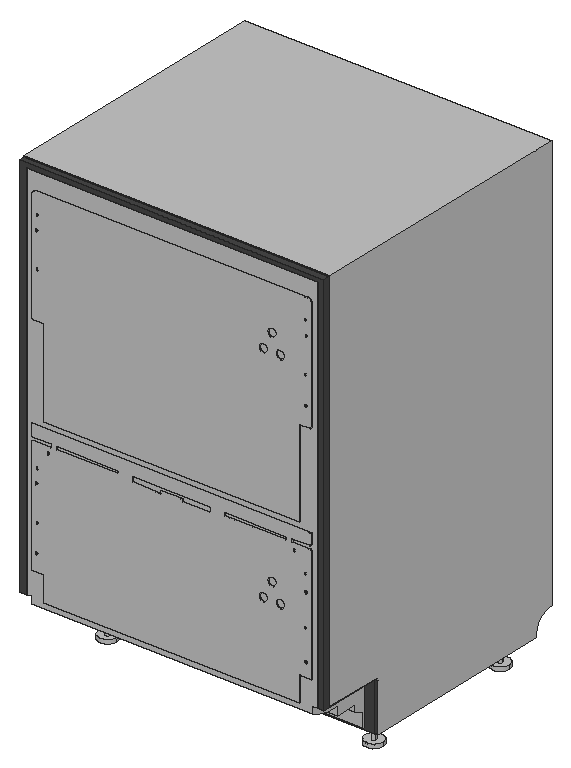
Revit family "FP_Revit_18_DD24DTX6HI1_DishDrawer_90001203A", category Specialty Equipment, Revit 2018
Family settings
  Round Connector Dimension = Use Diameter
  Part Type = Normal
  OmniClass Number = 23.40.40.14.31
  OmniClass Title = Cleaning and Disposal Equipment
  Work Plane-Based = No
  Always vertical = Yes
  Cut with Voids When Loaded = Yes
  Shared = No
  Room Calculation Point = No
Parameters (values of type "DD24DTX6I1")
  Visibility - Toe Kick = no
  Visibility - Door Panel = no
  Visibility - Clearance Required = yes
  URL = "www.fisherpaykel.com"
  Toe Kick - Recess (40mm - 100mm) [instance] = 100 mm
  Product - Width = 599 mm  # constant formula
  Product - Height (864mm - 924mm) [instance] = 900 mm
  Product - Depth = 571 mm  # constant formula
  Panel - Depth [instance] = 18 mm
  Model = "DD24DTX6I1"
  Material - Trim = Fisher & Paykel - Black
  Material - Toe Kick = Fisher & Paykel - Stainless Steel
  Material - Front = Fisher & Paykel - Stainless Steel
  Material - Body = Fisher & Paykel - Grey
  Manufacturer = "Fisher & Paykel Appliances"
  Description = "24\" DishDrawer, Integrated"
  Connector Description - Water = "Supplied hose to suit 3⁄8” (9 mm) male compression fitting"
  Connector Description - Sanitary = "Drain Hose, No Fitting Required"
  Connector Description - Electrical = "110-120 V, 60 Hz, 15 A, fused electrical supply"
  Chassis - Height (855mm Tall or 811mm Std) = 855 mm  # constant formula
  Chassis - Depth = 553 mm  # constant formula
  Cavity - Width = 600 mm  # constant formula
  Cavity - Depth (excluding front panel) = 560 mm  # constant formula
Types (3, lengths in mm): name | Model
  (no name) | "DD24DTX6I1"
  DD24DTX6HI1 | "DD24DTX6HI1"
  DD24DTX6I1 | "DD24DTX6I1"
Reference planes
  plane 1 "Datum": y = 0
  plane 2: z = 0
  plane 3 "Center (Left/Right)": x = 0
  plane 4: z = 0
  plane 5 "Product LHS": x = -299.5
  plane 6 "Product RHS": x = 299.5
  plane 7 "Product - Depth": y = 553
  plane 8 "Cavity LHS": x = -300
  plane 9 "Cavity RHS": x = 300
  plane 10 "Cavity - Depth": y = 560
  plane 11 "Leg Height": z = 45
  plane 12 "Product - Height": z = 900
  plane 13 "Cavity - Height": z = 902
  plane 14 "Door Panel - Depth": y = -18
Forms (mm)
  Extrusion 1, solid, material "Fisher & Paykel - Grey" <- "Material - Body"
    sketch origin (0, 0, 0) x (0, 1, 0) y (0, 0, 1)
      loop
        line (12, 900) -> (12, 146.5) -> (118.15, 146.5)
        arc (118.15, 146.5) -> (125.221, 143.571) -> (128.15, 136.5) r 10
        line (128.15, 136.5) -> (128.15, 45) -> (510.35, 45) -> (510.35, 89.298) -> (553, 89.298) -> (553, 900) -> (12, 900)
    from -299.5 to 299.5
  Extrusion 2, solid, material "Fisher & Paykel - Grey" <- "Material - Body", detail levels fine
    sketch origin (0, 0, 0) x (1, 0, 0) y (0, 0, 1)
      loop
        line (-274, 846.4) -> (-274, 633.176)
        arc (-274, 633.176) -> (-272.536, 629.64) -> (-269, 628.176) r 5
        line (-269, 628.176) -> (-250, 628.176) -> (-250, 457.269) -> (250, 457.269) -> (250, 628.176) -> (269, 628.176)
        arc (269, 628.176) -> (272.536, 629.64) -> (274, 633.176) r 5
        line (274, 633.176) -> (274, 846.4)
        arc (274, 846.4) -> (271.071, 853.471) -> (264, 856.4) r 10
        line (264, 856.4) -> (-264, 856.4)
        arc (-264, 856.4) -> (-271.071, 853.471) -> (-274, 846.4) r 10
      loop
        line (-274, 446.676) -> (-274, 427.976)
        arc (-274, 427.976) -> (-272.536, 424.44) -> (-269, 422.976) r 5
        line (-269, 422.976) -> (-235, 422.976) -> (-235, 416.976) -> (-269, 416.976)
        arc (-269, 416.976) -> (-272.536, 415.512) -> (-274, 411.976) r 5
        line (-274, 411.976) -> (-274, 189.476) -> (-250, 189.476) -> (-250, 139.476) -> (250, 139.476) -> (250, 189.476) -> (274, 189.476) -> (274, 411.976)
        arc (274, 411.976) -> (272.536, 415.512) -> (269, 416.976) r 5
        line (269, 416.976) -> (235, 416.976) -> (235, 422.976) -> (269, 422.976)
        arc (269, 422.976) -> (272.536, 424.44) -> (274, 427.976) r 5
        line (274, 427.976) -> (274, 446.676) -> (-274, 446.676)
      loop
        circle (241, 404.875) r 2.5
      loop
        circle (196.5, 333.976) r 8
      loop
        circle (213, 300.976) r 8
      loop
        circle (180, 300.976) r 8
      loop
        circle (262.5, 275.976) r 2.017
      loop
        circle (263.5, 216.576) r 2.612
      loop
        circle (263.5, 338.976) r 2.718
      loop
        circle (262.5, 371.476) r 2
      loop
        circle (-241, 404.875) r 2.5
      loop
        circle (-262.5, 275.976) r 2.017
      loop
        circle (-263.5, 221.576) r 2.612
      loop
        circle (-263.5, 343.976) r 2.718
      loop
        circle (-262.5, 371.476) r 2
      loop
        circle (262.5, 815.676) r 1.941
      loop
        circle (263.5, 788.176) r 2.488
      loop
        circle (262.5, 720.176) r 2
      loop
        circle (263.5, 665.776) r 2.685
      loop
        circle (-262.5, 815.676) r 1.941
      loop
        circle (-263.5, 788.176) r 2.488
      loop
        circle (-262.5, 720.176) r 2
      loop
        line (103, 422.976) -> (103, 416.976) -> (225, 416.976) -> (225, 422.976) -> (103, 422.976)
      loop
        line (-77, 422.976) -> (-77, 411.976) -> (-21, 411.976) -> (-21, 416.976) -> (21, 416.976) -> (21, 411.976) -> (77, 411.976) -> (77, 422.976) -> (-77, 422.976)
      loop
        line (-103, 422.976) -> (-225, 422.976) -> (-225, 416.976) -> (-103, 416.976) -> (-103, 422.976)
      loop
        circle (196.5, 770.176) r 8
      loop
        circle (213, 737.176) r 8
      loop
        circle (180, 737.176) r 8
    from 0 to 0.8
  Extrusion 3, solid, material "Fisher & Paykel - Black" <- "Material - Trim"
    sketch origin (0, 0, 0) x (1, 0, 0) y (0, 0, 1)
      loop
        line (-297.5, 898.541) -> (-297.5, 142.404) -> (-283.999, 142.404) -> (-283.999, 890) -> (284, 890) -> (284, 142.404) -> (297.5, 142.404) -> (297.5, 898.541) -> (-297.5, 898.541)
    from -12 to 0
  Extrusion 4, solid, material "Fisher & Paykel - Grey" <- "Material - Body"
    sketch origin (0, -1.875, 0) x (1, 0, 0) y (0, 1, 0)
      loop
        circle (-260.6, 478.3) r 4
      loop
        circle (-260.6, 170.1) r 4
      loop
        circle (260.6, 478.3) r 4
      loop
        circle (260.6, 170.1) r 4
    from 7 to 45
  Extrusion 5, solid, material "Fisher & Paykel - Grey" <- "Material - Body"
    sketch origin (0, -1.875, 0) x (1, 0, 0) y (0, 1, 0)
      loop
        circle (-260.6, 170.1) r 17.816
      loop
        circle (-260.6, 478.3) r 17.816
      loop
        circle (260.6, 170.1) r 17.816
      loop
        circle (260.6, 478.3) r 17.816
    from 0 to 7
  Sweep 6, solid, material "Fisher & Paykel - Grey" <- "Material - Body", detail levels medium+fine
    path origin (0, 537.938, 0) x (1, 0, 0) y (0, 0, 1)
      loop
        line (-134.5, 89.298) -> (-134.5, 54.132)
        arc (-134.5, 54.132) -> (-140.358, 39.989) -> (-154.5, 34.132) r 20
        line (-154.5, 34.132) -> (-349.5, 34.132)
    profile origin (-134.5, 537.938, 71.715) x (0, -1, 0) y (1, 0, 0)
      loop
        circle (0, 0) r 9
  Sweep 7, solid, material "Fisher & Paykel - Grey" <- "Material - Body", detail levels medium+fine
    path origin (0, 537.938, 0) x (1, 0, 0) y (0, 0, 1)
      loop
        line (-189.5, 89.298) -> (-189.5, 73.507)
        arc (-189.5, 73.507) -> (-195.358, 59.364) -> (-209.5, 53.507) r 20
        line (-209.5, 53.507) -> (-349.5, 53.507)
    profile origin (-189.5, 537.938, 81.402) x (0, -1, 0) y (1, 0, 0)
      loop
        circle (0, 0) r 9
  Sweep 8, solid, material "Fisher & Paykel - Grey" <- "Material - Body", detail levels medium+fine
    path origin (0, 0, 0) x (1, 0, 0) y (0, 0, 1)
      loop
        line (-349.186, 53.851) -> (-218.186, 53.851)
        arc (-218.186, 53.851) -> (-204.044, 59.709) -> (-198.186, 73.851) r 20
        line (-198.186, 73.851) -> (-198.186, 89.298)
    profile origin (-198.186, 0, 81.575) x (-1, 0, 0) y (0, -1, 0)
      loop
        circle (0, -524.105) r 5
  Extrusion 9, solid, material "Fisher & Paykel - Clearance Required", visible <- "Visibility - Clearance Required", detail levels coarse
    sketch origin (0, 0, 0) x (0, 1, 0) y (0, 0, 1)
      loop
        line (-18, 0) -> (-18, 449.976) -> (-545, 449.976) -> (-545, 379.976) -> (-586, 379.976) -> (-586, 363.973) -> (-545, 363.973) -> (-545, 0) -> (-18, 0)
      loop
        line (-18, 458) -> (-18, 900) -> (-545, 900) -> (-545, 830) -> (-586, 830) -> (-586, 813.997) -> (-545, 813.997) -> (-545, 458) -> (-18, 458)
    from -300 to 300
  Extrusion 10, solid, material "Fisher & Paykel - Clearance Required", visible <- "Visibility - Clearance Required", detail levels coarse
    sketch origin (0, 0, 0) x (1, 0, 0) y (0, 1, 0)
      loop
        line (300, 560) -> (-300, 560) -> (-300, -18) -> (300, -18) -> (300, 560)
    from 0 to 902
  Extrusion 11, void
    sketch origin (0, 0, 0) x (1, 0, 0) y (0, 1, 0)
      loop
        line (-300, -18) -> (300, -18) -> (300, 560) -> (-300, 560) -> (-300, -18)
    from 0 to 902
  Extrusion 12, solid, material "Fisher & Paykel - Grey" <- "Material - Body"
    sketch origin (0, 0, 0) x (1, 0, 0) y (0, 0, 1)
      loop
        line (-283.999, 890) -> (-283.999, 142.404) -> (284, 142.404) -> (284, 890) -> (-283.999, 890)
    from -12 to 0
  Extrusion 13, solid, material "Fisher & Paykel - Grey" <- "Material - Body"
    sketch origin (0, 0, 0) x (0, 1, 0) y (0, 0, 1)
      loop
        line (124.15, 50.492) -> (124.15, 142.404) -> (0, 142.404) -> (0, 129.265)
        arc (0, 129.265) -> (17.333, 121.771) -> (35.586, 116.932) r 126.919
        line (35.586, 116.932) -> (61.053, 116.932) -> (61.053, 99.582) -> (103.548, 99.582) -> (103.548, 88.084) -> (122.346, 77.363) -> (122.346, 50.492) -> (124.15, 50.492)
    from -275 to 275
  Extrusion 14, solid, material "Fisher & Paykel - Grey" <- "Material - Body", detail levels fine
    sketch origin (0, 0, 0) x (0, 1, 0) y (0, 0, 1)
      loop
        arc (545.956, 79.845) -> (549.529, 81.356) -> (550.933, 84.972) r 4.979
        line (550.933, 84.972) -> (550.933, 89.298) -> (510.35, 89.298) -> (510.35, 61.689) -> (530.184, 79.845) -> (545.956, 79.845)
    from -229.8 to -91.607
  Sweep 15, solid, material "Fisher & Paykel - Grey" <- "Material - Body", detail levels medium+fine
    path origin (0, 0, 0) x (1, 0, 0) y (0, 1, 0)
      loop
        line (-47.875, 510.35) -> (-47.875, 529.222)
        arc (-47.875, 529.222) -> (-52.269, 539.828) -> (-62.875, 544.222) r 15
        line (-62.875, 544.222) -> (-349.5, 544.222)
    profile origin (-47.875, 519.786, 0) x (-1, 0, 0) y (0, 0, 1)
      loop
        circle (0, 69.3) r 5
  Extrusion 16, solid, material "Fisher & Paykel - Black" <- "Material - Trim", detail levels fine
    sketch origin (0, 0, 0) x (0, 1, 0) y (0, 0, 1)
      loop
        line (128.15, 48.091) -> (128.15, 136.5)
        arc (128.15, 136.5) -> (125.221, 143.571) -> (118.15, 146.5) r 10
        line (118.15, 146.5) -> (12, 146.5) -> (12, 142.404) -> (124.15, 142.404) -> (124.15, 48.091) -> (128.15, 48.091)
    from -297.5 to 297.5
  Extrusion 17, solid, material "Fisher & Paykel - Grey" <- "Material - Body"
    sketch origin (0, 0, 0) x (0, 1, 0) y (0, 0, 1)
      loop
        line (510.35, 89.298) -> (510.35, 45) -> (514.35, 45)
        arc (514.35, 45) -> (525.48, 73.009) -> (553, 85.298) r 40
        line (553, 85.298) -> (553, 89.298) -> (510.35, 89.298)
    from 288.5 to 299.5
  Extrusion 18, solid, material "Fisher & Paykel - Grey" <- "Material - Body"
    sketch origin (0, 0, 0) x (0, 1, 0) y (0, 0, -1)
      loop
        line (510.35, -89.298) -> (553, -89.298) -> (553, -85.298)
        arc (553, -85.298) -> (525.48, -73.009) -> (514.35, -45) r 40
        line (514.35, -45) -> (510.35, -45) -> (510.35, -89.298)
    from 288.5 to 299.5
  Extrusion 19, solid, material "Fisher & Paykel - Stainless Steel" <- "Material - Front", visible <- "Visibility - Door Panel", detail levels fine
    sketch origin (0, 0, 0) x (1, 0, 0) y (0, 0, 1)
      loop
        line (-298, 900) -> (-298, 458) -> (298, 458) -> (298, 900) -> (-298, 900)
      loop
        line (-298, 449.976) -> (-298, 138.976) -> (298, 138.976) -> (298, 449.976) -> (-298, 449.976)
    from 0.8 to 18
  Extrusion 20, solid, material "Fisher & Paykel - Grey", visible <- "Visibility - Toe Kick"
    sketch origin (0, 0, 0) x (0, 1, 0) y (0, 0, 1)
      loop
        line (100, 12) -> (100, 116.932) -> (82, 116.932) -> (82, 12) -> (100, 12)
    from -297.5 to 297.5
Cuts and joins
  joined: Extrusion 1, Extrusion 17, Extrusion 18
  joined: Extrusion 12, Extrusion 13
Text (mm)
  text "Due to ongoing product development, product details are subject to change without notice. \nPlease always refer to www.fisherpaykel.com for the most current product information. \n© Fisher & Paykel 2020" at (41.04, -690.05, 0), in view "Ref. Level (Plan)"
Dimensions and locks
  equal spacing: plane 5 "Product LHS", plane 3 "Center (Left/Right)", plane 6 "Product RHS"
  "Product - Width": plane 5 "Product LHS" to plane 6 "Product RHS"
  "Chassis - Depth": plane 1 "Datum" to plane 7 "Product - Depth"
  equal spacing: plane 8 "Cavity LHS", plane 3 "Center (Left/Right)", plane 9 "Cavity RHS"
  "Cavity - Width": plane 8 "Cavity LHS" to plane 9 "Cavity RHS"
  Extrusion 1 sketch curve to Extrusion 1 sketch curve = 855 mm
  Extrusion 2 sketch curve to plane 11 "Leg Height" = 401.676 mm
  "Chassis - Height (855mm Tall or 811mm Std)": plane 12 "Product - Height" to plane 11 "Leg Height"
  Extrusion 2 sketch curve to plane 11 "Leg Height" = 583.176 mm
  locked: plane 12 "Product - Height" to Extrusion 2 sketch curve at 43.6
  "Product - Height (864mm - 924mm)": plane 12 "Product - Height" to level
  plane 12 "Product - Height" to Extrusion 2 = 43.6 mm
  Extrusion 2 to plane 11 "Leg Height" = 401.676 mm
  Extrusion 2 to plane 11 "Leg Height" = 412.269 mm
  locked: plane 13 "Cavity - Height" to plane 12 "Product - Height" at 2
  "Panel - Depth": plane 14 "Door Panel - Depth" to plane 1 "Datum"
  plane 14 "Door Panel - Depth" to plane 7 "Product - Depth" = 571 mm
  locked: plane 11 "Leg Height" to Sweep 15 sketch curve at 24.3
  equal spacing: Extrusion 19 sketch curve, plane 3 "Center (Left/Right)", Extrusion 19 sketch curve
  locked: Extrusion 19 sketch curve to Extrusion 19 sketch curve at 442
  locked: Extrusion 19 sketch curve to Extrusion 19 sketch curve at 311
  locked: Extrusion 19 sketch curve to Extrusion 19 sketch curve at 8.024
  locked: Extrusion 19 sketch curve to Extrusion 19 sketch curve at 596
  plane 12 "Product - Height" to Extrusion 19 sketch curve = 0 mm
  locked: plane 11 "Leg Height" to cut or joined group of Extrusion 12, Extrusion 13 at 71.932
  locked: Extrusion 9 to Extrusion 20 sketch curve at 12
  "Panel - Depth": Extrusion 20 to Extrusion 20
  "Toe Kick - Recess (40mm - 100mm)": plane 14 "Door Panel - Depth" to Extrusion 20
  locked: Extrusion 9 to plane 14 "Door Panel - Depth" at 527
  "Cavity - Depth (excluding front panel)": plane 10 "Cavity - Depth" to plane 1 "Datum"
  aligned and locked: level to plane 2
  aligned and locked: Extrusion 1 sketch curve to plane 11 "Leg Height"
  aligned and locked: Extrusion 4 to Extrusion 5
  aligned and locked: plane 12 "Product - Height" to Extrusion 1
  aligned and locked: Extrusion 9 to plane 9 "Cavity RHS"
  aligned and locked: plane 8 "Cavity LHS" to Extrusion 9
  aligned and locked: Extrusion 10 sketch curve to plane 8 "Cavity LHS"
  aligned and locked: Extrusion 10 sketch curve to plane 9 "Cavity RHS"
  aligned and locked: plane 10 "Cavity - Depth" to Extrusion 10 sketch curve
  aligned and locked: Extrusion 4 to Extrusion 1
  aligned and locked: plane 13 "Cavity - Height" to Extrusion 11
  aligned and locked: Extrusion 9 to level
  aligned and locked: Extrusion 14 to Extrusion 1
  aligned and locked: Extrusion 17 sketch curve to Extrusion 1
  aligned and locked: cut or joined group of Extrusion 1, Extrusion 17, Extrusion 18 to Sweep 6 sketch curve
  aligned and locked: cut or joined group of Extrusion 1, Extrusion 17, Extrusion 18 to Sweep 7 sketch curve
  aligned and locked: Sweep 7 to Sweep 8 sketch curve
  aligned and locked: Extrusion 19 sketch curve to Extrusion 19 sketch curve  (x2)
  aligned and locked: Extrusion 11 to Extrusion 19
  aligned and locked: Extrusion 19 to Extrusion 9
  aligned and locked: Extrusion 9 to Extrusion 19
  aligned and locked: plane 12 "Product - Height" to Extrusion 9
  aligned and locked: plane 14 "Door Panel - Depth" to Extrusion 19
  aligned and locked: Extrusion 10 to Extrusion 9
  aligned and locked: Extrusion 10 to Extrusion 11
Automatic sketch dimensions
  Extrusion 1 sketch curve to plane 7 "Product - Depth" = 0 mm
  Extrusion 1 sketch curve to plane 7 "Product - Depth" = 42.65 mm
  Extrusion 1 sketch curve to plane 1 "Datum" = 128.15 mm
  Extrusion 1 sketch curve to Extrusion 1 sketch curve = 10 mm
  Extrusion 1 sketch curve to plane 1 "Datum" = 12 mm
  Extrusion 1 sketch curve to plane 11 "Leg Height" = 44.298 mm
  Extrusion 1 sketch curve to plane 11 "Leg Height" = 91.5 mm
  Extrusion 2 sketch curve to plane 5 "Product LHS" = 25.5 mm  (x3)
  Extrusion 2 sketch curve to Extrusion 2 sketch curve = 5 mm  (x7)
  Extrusion 2 sketch curve to Extrusion 2 sketch curve = 10 mm  (x3)
  Extrusion 2 sketch curve to plane 5 "Product LHS" = 36 mm  (x2)
  Extrusion 2 sketch curve to Extrusion 2 sketch curve = 10.5 mm
  Extrusion 2 sketch curve to Extrusion 2 sketch curve = 1 mm  (x4)
  Extrusion 2 sketch curve to plane 5 "Product LHS" = 37 mm  (x2)
  Extrusion 2 sketch curve to Extrusion 2 sketch curve = 24 mm  (x2)
  Extrusion 2 sketch curve to plane 5 "Product LHS" = 49.5 mm
  Extrusion 2 sketch curve to Extrusion 2 sketch curve = 28 mm
  Extrusion 2 sketch curve to Extrusion 2 sketch curve = 6 mm  (x7)
  Extrusion 2 sketch curve to plane 3 "Center (Left/Right)" = 103 mm
  Extrusion 2 sketch curve to Extrusion 2 sketch curve = 26 mm  (x2)
  Extrusion 2 sketch curve to plane 3 "Center (Left/Right)" = 21 mm
  plane 3 "Center (Left/Right)" to Extrusion 2 sketch curve = 21 mm
  Extrusion 2 sketch curve to Extrusion 2 sketch curve = 56 mm
  plane 6 "Product RHS" to Extrusion 2 sketch curve = 119.5 mm  (x2)
  Extrusion 2 sketch curve to Extrusion 2 sketch curve = 16.5 mm  (x2)
  Extrusion 2 sketch curve to Extrusion 2 sketch curve = 33 mm  (x4)
  plane 6 "Product RHS" to Extrusion 2 sketch curve = 74.5 mm
  plane 6 "Product RHS" to Extrusion 2 sketch curve = 49.5 mm  (x2)
  plane 6 "Product RHS" to Extrusion 2 sketch curve = 37 mm  (x4)
  Extrusion 2 sketch curve to Extrusion 2 sketch curve = 13.5 mm
  plane 6 "Product RHS" to Extrusion 2 sketch curve = 36 mm
  Extrusion 2 sketch curve to Extrusion 2 sketch curve = 1.5 mm
  plane 6 "Product RHS" to Extrusion 2 sketch curve = 30.5 mm
  Extrusion 2 sketch curve to Extrusion 2 sketch curve = 19 mm
  Extrusion 2 sketch curve to Extrusion 2 sketch curve = 0 mm  (x6)
  Extrusion 2 sketch curve to Extrusion 2 sketch curve = 18.7 mm  (x2)
  Extrusion 2 sketch curve to Extrusion 2 sketch curve = 11 mm
  Extrusion 2 sketch curve to Extrusion 2 sketch curve = 12.101 mm  (x2)
  Extrusion 2 sketch curve to Extrusion 2 sketch curve = 33.399 mm  (x2)
  Extrusion 2 sketch curve to Extrusion 2 sketch curve = 27.5 mm  (x3)
  Extrusion 2 sketch curve to Extrusion 2 sketch curve = 32.5 mm
  Extrusion 2 sketch curve to Extrusion 2 sketch curve = 68 mm
  Extrusion 2 sketch curve to Extrusion 2 sketch curve = 25 mm
  Extrusion 2 sketch curve to Extrusion 2 sketch curve = 54.4 mm  (x2)
  Extrusion 2 sketch curve to Extrusion 2 sketch curve = 59.4 mm
  Extrusion 2 sketch curve to Extrusion 2 sketch curve = 27.1 mm
  Extrusion 2 sketch curve to Extrusion 2 sketch curve = 32.1 mm
  Extrusion 2 sketch curve to Extrusion 2 sketch curve = 50 mm
  Extrusion 2 sketch curve to Extrusion 2 sketch curve = 10.593 mm
  Extrusion 2 sketch curve to Extrusion 2 sketch curve = 170.907 mm
  Extrusion 2 sketch curve to Extrusion 2 sketch curve = 32.6 mm
  Extrusion 2 sketch curve to Extrusion 2 sketch curve = 87 mm
  Extrusion 2 sketch curve to Extrusion 2 sketch curve = 17 mm
  Extrusion 2 sketch curve to Extrusion 2 sketch curve = 58.224 mm  (x2)
  Extrusion 3 sketch curve to plane 5 "Product LHS" = 2 mm
  Extrusion 3 sketch curve to plane 5 "Product LHS" = 15.501 mm
  plane 6 "Product RHS" to Extrusion 3 sketch curve = 15.5 mm
  plane 6 "Product RHS" to Extrusion 3 sketch curve = 2 mm
  Extrusion 3 sketch curve to plane 11 "Leg Height" = 97.404 mm  (x2)
  Extrusion 3 sketch curve to plane 12 "Product - Height" = 10 mm
  Extrusion 3 sketch curve to plane 12 "Product - Height" = 1.459 mm
  Extrusion 4 sketch curve to plane 5 "Product LHS" = 38.9 mm  (x2)
  plane 6 "Product RHS" to Extrusion 4 sketch curve = 38.9 mm  (x2)
  Extrusion 4 sketch curve to plane 1 "Datum" = 168.225 mm  (x2)
  Extrusion 4 sketch curve to plane 7 "Product - Depth" = 76.575 mm  (x2)
  Extrusion 5 sketch curve to plane 5 "Product LHS" = 38.9 mm  (x2)
  plane 6 "Product RHS" to Extrusion 5 sketch curve = 38.9 mm  (x2)
  Extrusion 5 sketch curve to plane 1 "Datum" = 168.225 mm  (x2)
  Extrusion 5 sketch curve to plane 7 "Product - Depth" = 76.575 mm  (x2)
  Sweep 6 sketch curve to profile plane = 0 mm
  profile plane to Sweep 6 sketch curve = 0 mm
  Sweep 7 sketch curve to profile plane = 0 mm
  profile plane to Sweep 7 sketch curve = 0 mm
  Sweep 8 sketch curve to profile plane = 0 mm
  Sweep 8 sketch curve to plane 1 "Datum" = 524.105 mm
  Extrusion 11 sketch curve to plane 8 "Cavity LHS" = 0 mm
  Extrusion 11 sketch curve to plane 9 "Cavity RHS" = 0 mm
  Extrusion 11 sketch curve to plane 14 "Door Panel - Depth" = 0 mm
  Extrusion 11 sketch curve to plane 10 "Cavity - Depth" = 0 mm
  Extrusion 12 sketch curve to plane 5 "Product LHS" = 15.501 mm
  plane 6 "Product RHS" to Extrusion 12 sketch curve = 15.5 mm
  Extrusion 12 sketch curve to plane 11 "Leg Height" = 97.404 mm
  Extrusion 12 sketch curve to plane 12 "Product - Height" = 10 mm
  Extrusion 13 sketch curve to plane 1 "Datum" = 0 mm
  Extrusion 13 sketch curve to plane 1 "Datum" = 35.586 mm
  Extrusion 13 sketch curve to plane 1 "Datum" = 58.892 mm
  Extrusion 13 sketch curve to Extrusion 13 sketch curve = 25.467 mm
  Extrusion 13 sketch curve to Extrusion 13 sketch curve = 42.495 mm
  Extrusion 13 sketch curve to plane 11 "Leg Height" = 32.363 mm
  Extrusion 13 sketch curve to Extrusion 13 sketch curve = 18.798 mm
  Extrusion 13 sketch curve to Extrusion 13 sketch curve = 20.602 mm
  Extrusion 13 sketch curve to plane 11 "Leg Height" = 5.492 mm
  Extrusion 13 sketch curve to Extrusion 13 sketch curve = 10.721 mm
  Extrusion 13 sketch curve to Extrusion 13 sketch curve = 11.498 mm
  Extrusion 13 sketch curve to Extrusion 13 sketch curve = 17.35 mm
  Extrusion 13 sketch curve to Extrusion 13 sketch curve = 12.332 mm
  Extrusion 13 sketch curve to Extrusion 13 sketch curve = 13.139 mm
  Extrusion 14 sketch curve to plane 7 "Product - Depth" = 42.65 mm
  Extrusion 14 sketch curve to Extrusion 14 sketch curve = 19.834 mm
  Extrusion 14 sketch curve to plane 7 "Product - Depth" = 7.044 mm
  Extrusion 14 sketch curve to plane 7 "Product - Depth" = 2.067 mm
  Extrusion 14 sketch curve to plane 11 "Leg Height" = 16.689 mm
  Extrusion 14 sketch curve to Extrusion 14 sketch curve = 18.156 mm
  Extrusion 14 sketch curve to Extrusion 14 sketch curve = 4.979 mm
  Extrusion 14 sketch curve to Extrusion 14 sketch curve = 4.326 mm
  Sweep 15 sketch curve to plane 7 "Product - Depth" = 8.778 mm
  Sweep 15 sketch curve to plane 3 "Center (Left/Right)" = 62.875 mm
  Sweep 15 sketch curve to Sweep 15 sketch curve = 15 mm
  plane 8 "Cavity LHS" to Sweep 15 sketch curve = 49.5 mm
  Sweep 15 sketch curve to Sweep 15 sketch curve = 18.872 mm
  Sweep 15 sketch curve to profile plane = 0 mm
  Extrusion 16 sketch curve to plane 1 "Datum" = 12 mm
  Extrusion 16 sketch curve to Extrusion 16 sketch curve = 106.15 mm
  Extrusion 16 sketch curve to plane 11 "Leg Height" = 3.091 mm
  Extrusion 16 sketch curve to Extrusion 16 sketch curve = 6 mm
  Extrusion 16 sketch curve to Extrusion 16 sketch curve = 4 mm
  Extrusion 16 sketch curve to Extrusion 16 sketch curve = 88.409 mm
  Extrusion 16 sketch curve to Extrusion 16 sketch curve = 4.096 mm
  plane 11 "Leg Height" to Extrusion 17 sketch curve = 0 mm
  Extrusion 17 sketch curve to plane 7 "Product - Depth" = 0 mm
  Extrusion 17 sketch curve to Extrusion 17 sketch curve = 4 mm  (x2)
  Extrusion 17 sketch curve to plane 11 "Leg Height" = 0.321 mm
  plane 7 "Product - Depth" to Extrusion 17 sketch curve = 1.349 mm
  plane 11 "Leg Height" to Extrusion 18 sketch curve = 0 mm
  Extrusion 18 sketch curve to plane 7 "Product - Depth" = 0 mm
  Extrusion 18 sketch curve to plane 7 "Product - Depth" = 38.65 mm
  Extrusion 18 sketch curve to Extrusion 18 sketch curve = 42.65 mm
  Extrusion 18 sketch curve to plane 11 "Leg Height" = 0.321 mm
  plane 7 "Product - Depth" to Extrusion 18 sketch curve = 1.349 mm
  Extrusion 18 sketch curve to Extrusion 18 sketch curve = 4 mm
  plane 11 "Leg Height" to Sweep 6 sketch curve = 10.868 mm
  Sweep 6 sketch curve to plane 5 "Product LHS" = 145 mm
  Sweep 6 sketch curve to plane 11 "Leg Height" = 9.132 mm
  plane 8 "Cavity LHS" to Sweep 6 sketch curve = 49.5 mm
  Sweep 7 sketch curve to plane 11 "Leg Height" = 8.507 mm
  Sweep 7 sketch curve to plane 5 "Product LHS" = 90 mm
  plane 8 "Cavity LHS" to Sweep 7 sketch curve = 49.5 mm
  Sweep 7 sketch curve to Sweep 7 sketch curve = 15.792 mm
  Sweep 8 sketch curve to plane 11 "Leg Height" = 8.851 mm
  Sweep 8 sketch curve to plane 5 "Product LHS" = 81.314 mm
  plane 8 "Cavity LHS" to Sweep 8 sketch curve = 49.186 mm
  Sweep 8 sketch curve to Sweep 8 sketch curve = 15.447 mm
  plane 1 "Datum" to Extrusion 10 sketch curve = 18 mm
  Extrusion 9 sketch curve to plane 12 "Product - Height" = 0 mm
  Extrusion 9 sketch curve to level = 0 mm
  Extrusion 9 sketch curve to plane 14 "Door Panel - Depth" = 0 mm  (x2)
  plane 14 "Door Panel - Depth" to Extrusion 9 sketch curve = 527 mm
  Extrusion 9 sketch curve to Extrusion 9 sketch curve = 0 mm  (x3)
  Extrusion 9 sketch curve to Extrusion 9 sketch curve = 41 mm  (x2)
  Extrusion 9 sketch curve to plane 11 "Leg Height" = 318.973 mm
  Extrusion 9 sketch curve to Extrusion 9 sketch curve = 16.003 mm  (x2)
  Extrusion 9 sketch curve to plane 11 "Leg Height" = 404.976 mm
  Extrusion 9 sketch curve to Extrusion 9 sketch curve = 8.024 mm
  Extrusion 9 sketch curve to plane 12 "Product - Height" = 86.003 mm
  Extrusion 20 sketch curve to plane 1 "Datum" = 82 mm
  Extrusion 20 sketch curve to Extrusion 20 sketch curve = 18 mm
  Extrusion 20 sketch curve to plane 11 "Leg Height" = 71.932 mm
  radius of Extrusion 2 sketch curve = 2.5 mm  (x2)
  radius of Extrusion 2 sketch curve = 8 mm  (x6)
  radius of Extrusion 2 sketch curve = 2.017 mm  (x2)
  radius of Extrusion 2 sketch curve = 2.612 mm  (x2)
  radius of Extrusion 2 sketch curve = 2.718 mm  (x2)
  radius of Extrusion 2 sketch curve = 2 mm  (x4)
  radius of Extrusion 2 sketch curve = 1.941 mm  (x2)
  radius of Extrusion 2 sketch curve = 2.488 mm  (x2)
  radius of Extrusion 2 sketch curve = 2.685 mm
  radius of Extrusion 4 sketch curve = 4 mm  (x4)
  radius of Extrusion 5 sketch curve = 17.816 mm  (x4)
  radius of Sweep 6 sketch curve = 9 mm
  radius of Sweep 7 sketch curve = 9 mm
  radius of Sweep 8 sketch curve = 5 mm
  radius of Sweep 15 sketch curve = 5 mm
Connectors
  piping at (-349.186, 524.105, 53.851), diameter 10, driven by "Connector Description - Water"
    settings: on Sweep 8, index 2, connector inside diameter 609.6 mm, connector length 0 mm, flow factor 0, pipe flow 0.0 L/s, pressure drop 0.0 Pa, fitting loss kfactor 0, connector angle 0.00°, fixture units 0, engagement length 0 mm, angle of deflection 0.00°, flow configuration 0, flow direction 1, fitting loss method 0, system type 20, joint type 0, gender type 0, connector reference index -1, connector utility 0, adjustable connector no, is connector primary yes, connector description "Supplied hose to suit 3⁄8” (9 mm) male compression fitting"
  piping at (-349.5, 537.938, 53.507), diameter 15.9, driven by "Connector Description - Sanitary"
    settings: on Sweep 7, index 3, connector inside diameter 609.6 mm, connector length 0 mm, flow factor 0, pipe flow 0.0 L/s, pressure drop 0.0 Pa, fitting loss kfactor 0, connector angle 0.00°, fixture units 0, engagement length 0 mm, angle of deflection 0.00°, flow configuration 0, flow direction 2, fitting loss method 0, system type 16, joint type 0, gender type 0, connector reference index -1, connector utility 0, adjustable connector no, is connector primary no, connector description "Drain Hose, No Fitting Required"
  piping at (-349.5, 537.938, 34.132), diameter 15.9, driven by "Connector Description - Sanitary"
    settings: on Sweep 6, index 4, connector inside diameter 609.6 mm, connector length 0 mm, flow factor 0, pipe flow 0.0 L/s, pressure drop 0.0 Pa, fitting loss kfactor 0, connector angle 0.00°, fixture units 0, engagement length 0 mm, angle of deflection 0.00°, flow configuration 0, flow direction 2, fitting loss method 0, system type 16, joint type 0, gender type 0, connector reference index -1, connector utility 0, adjustable connector no, is connector primary no, connector description "Drain Hose, No Fitting Required"
  electrical at (-349.5, 544.222, 69.3), driven by "Connector Description - Electrical"
    settings: on Sweep 15, index 5, voltage 120 V, apparent load 0 VA, apparent load phase1 0 VA, apparent load phase2 0 VA, apparent load phase3 0 VA, power factor 1, load classification "Other", number of poles 1, system type 30, power factor state 1, is connector primary yes, connector utility no, sub classification motor no, connector description "110-120 V, 60 Hz, 15 A, fused electrical supply"
